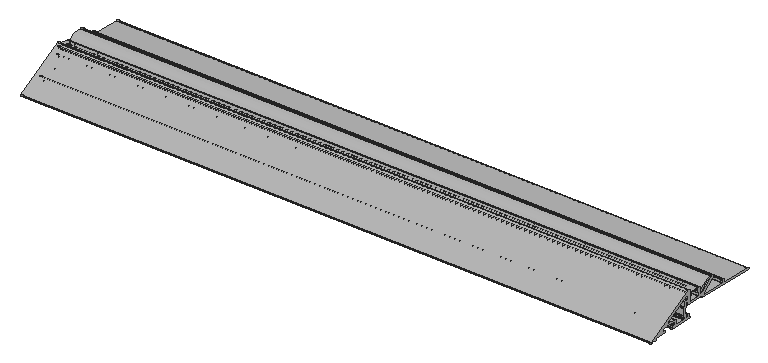
Revit family "Transition strip", category Generic Models, Revit 2017
Family settings
  Can host rebar = No
  Round Connector Dimension = Use Diameter
  Part Type = Normal
  Work Plane-Based = No
  Always vertical = Yes
  Cut with Voids When Loaded = No
  Shared = No
  Room Calculation Point = No
Parameters
  Material Strip = PVC Plastic
  Material = PVC Plastic
  Length [instance] = 2.856358 ft
Reference planes (ft)
  plane 1 "Center (Front/Back)": y = 0
  plane 2: z = 0
  plane 3 "Center (Left/Right)": x = 0
  plane 4: x = 2.856358
Forms (ft)
  Sweep 1, solid, material "PVC Plastic" <- "Material"
    path origin (0, 0, 0) x (1, 0, 0) y (0, 1, 0)
      loop
        line (0, 0) -> (2.856358, 0)
    profile "Family2 : Family2" origin (1.428179, 0, 0) x (0, 1, 0) y (0, 0, 1)
      loop
        line (0.111003, 0.04019) -> (0.11418, 0.03773) -> (0.135505, 0.03773)
        arc (0.135505, 0.03773) -> (0.136665, 0.037249) -> (0.137146, 0.036089) r 0.00164
        line (0.137146, 0.036089) -> (0.137146, 0.016404)
        arc (0.137146, 0.016404) -> (0.137626, 0.015244) -> (0.138786, 0.014764) r 0.00164
        line (0.138786, 0.014764) -> (0.184718, 0.014764)
        arc (0.184718, 0.014764) -> (0.185878, 0.015244) -> (0.186358, 0.016404) r 0.00164
        line (0.186358, 0.016404) -> (0.186358, 0.029035) -> (0.183077, 0.029035)
        arc (0.183077, 0.029035) -> (0.181918, 0.029516) -> (0.181437, 0.030676) r 0.00164
        line (0.181437, 0.030676) -> (0.181437, 0.064469)
        arc (0.181437, 0.064469) -> (0.181918, 0.065628) -> (0.183077, 0.066109) r 0.00164
        line (0.183077, 0.066109) -> (0.186358, 0.066109) -> (0.186358, 0.085305)
        arc (0.186358, 0.085305) -> (0.186839, 0.086462) -> (0.187997, 0.086942) r 0.00164
        line (0.187997, 0.086942) -> (0.205728, 0.086942)
        arc (0.205728, 0.086942) -> (0.206888, 0.087423) -> (0.207369, 0.088583) r 0.00164
        line (0.207369, 0.088583) -> (0.207369, 0.111926)
        arc (0.207369, 0.111926) -> (0.206549, 0.113347) -> (0.204908, 0.113347) r 0.00164
        line (0.204908, 0.113347) -> (0.083499, 0.043251)
        arc (0.083499, 0.043251) -> (0.082735, 0.041406) -> (0.08432, 0.04019) r 0.00164
        line (0.08432, 0.04019) -> (0.111003, 0.04019)
      loop
        line (0.21147, 0.124712) -> (0.000764, 0.003061)
        arc (0.000764, 0.003061) -> (0, 0.001216) -> (0.001585, 0) r 0.00164
        line (0.001585, 0) -> (0.020941, 0)
        arc (0.020941, 0) -> (0.022101, 0.00048) -> (0.022582, 0.00164) r 0.00164
        line (0.022582, 0.00164) -> (0.022582, 0.008202) -> (0.075466, 0.008202)
        arc (0.075466, 0.008202) -> (0.076626, 0.008683) -> (0.077106, 0.009843) r 0.00164
        line (0.077106, 0.009843) -> (0.077106, 0.018045)
        arc (0.077106, 0.018045) -> (0.076626, 0.019205) -> (0.075466, 0.019685) r 0.00164
        line (0.075466, 0.019685) -> (0.066608, 0.019685)
        arc (0.066608, 0.019685) -> (0.065448, 0.020166) -> (0.064967, 0.021325) r 0.00164
        line (0.064967, 0.021325) -> (0.064967, 0.029528)
        arc (0.064967, 0.029528) -> (0.065448, 0.030688) -> (0.066608, 0.031168) r 0.00164
        line (0.066608, 0.031168) -> (0.084428, 0.031168) -> (0.087605, 0.033629) -> (0.107946, 0.033629) -> (0.111123, 0.031168) -> (0.128944, 0.031168)
        arc (0.128944, 0.031168) -> (0.130104, 0.030688) -> (0.130584, 0.029528) r 0.00164
        line (0.130584, 0.029528) -> (0.130584, 0.021325)
        arc (0.130584, 0.021325) -> (0.130104, 0.020166) -> (0.128944, 0.019685) r 0.00164
        line (0.128944, 0.019685) -> (0.120085, 0.019685)
        arc (0.120085, 0.019685) -> (0.118925, 0.019205) -> (0.118445, 0.018045) r 0.00164
        line (0.118445, 0.018045) -> (0.118445, 0.009847)
        arc (0.118445, 0.009847) -> (0.118927, 0.008684) -> (0.12009, 0.008202) r 0.001645
        line (0.12009, 0.008202) -> (0.214245, 0.008202)
        arc (0.214245, 0.008202) -> (0.215404, 0.008681) -> (0.215886, 0.009838) r 0.00164
        line (0.215886, 0.009838) -> (0.215886, 0.013119)
        arc (0.215886, 0.013119) -> (0.215404, 0.014285) -> (0.214245, 0.014764) r 0.00164
        line (0.214245, 0.014764) -> (0.210144, 0.014764) -> (0.210144, 0.025262)
        arc (0.210144, 0.025262) -> (0.209664, 0.026422) -> (0.208504, 0.026903) r 0.00164
        line (0.208504, 0.026903) -> (0.203583, 0.026903) -> (0.203583, 0.016404)
        arc (0.203583, 0.016404) -> (0.203102, 0.015244) -> (0.201942, 0.014764) r 0.00164
        line (0.201942, 0.014764) -> (0.19374, 0.014764)
        arc (0.19374, 0.014764) -> (0.19258, 0.015244) -> (0.1921, 0.016404) r 0.00164
        line (0.1921, 0.016404) -> (0.1921, 0.035761) -> (0.187999, 0.035761) -> (0.187999, 0.059383) -> (0.1921, 0.059383) -> (0.1921, 0.078738)
        arc (0.1921, 0.078738) -> (0.19258, 0.0799) -> (0.193743, 0.080381) r 0.00164
        line (0.193743, 0.080381) -> (0.201942, 0.080381)
        arc (0.201942, 0.080381) -> (0.203102, 0.0799) -> (0.203583, 0.07874) r 0.00164
        line (0.203583, 0.07874) -> (0.203583, 0.070301)
        arc (0.203583, 0.070301) -> (0.204063, 0.069141) -> (0.205223, 0.06866) r 0.00164
        line (0.205223, 0.06866) -> (0.285338, 0.06866)
        arc (0.285338, 0.06866) -> (0.287266, 0.067862) -> (0.288064, 0.065934) r 0.002726
        line (0.288064, 0.065934) -> (0.288064, 0.063312)
        arc (0.288064, 0.063312) -> (0.288833, 0.061457) -> (0.290689, 0.060688) r 0.002625
        line (0.290689, 0.060688) -> (0.54561, 0.060688)
        arc (0.54561, 0.060688) -> (0.546773, 0.061171) -> (0.547251, 0.062336) r 0.00164
        line (0.547251, 0.062336) -> (0.547251, 0.065617)
        arc (0.547251, 0.065617) -> (0.546768, 0.066772) -> (0.54561, 0.067249) r 0.00164
        line (0.54561, 0.067249) -> (0.412736, 0.067249)
        arc (0.412736, 0.067249) -> (0.411576, 0.06773) -> (0.411096, 0.06889) r 0.00164
        line (0.411096, 0.06889) -> (0.411096, 0.082013)
        arc (0.411096, 0.082013) -> (0.410615, 0.083173) -> (0.409455, 0.083654) r 0.00164
        line (0.409455, 0.083654) -> (0.406175, 0.083654)
        arc (0.406175, 0.083654) -> (0.405013, 0.083171) -> (0.404534, 0.082007) r 0.00164
        line (0.404534, 0.082007) -> (0.404534, 0.06889)
        arc (0.404534, 0.06889) -> (0.404054, 0.06773) -> (0.402894, 0.067249) r 0.00164
        line (0.402894, 0.067249) -> (0.294626, 0.067249) -> (0.294626, 0.074129) -> (0.341061, 0.113093) -> (0.345475, 0.113093)
        arc (0.345475, 0.113093) -> (0.347799, 0.114054) -> (0.34876, 0.116379) r 0.003281
        line (0.34876, 0.116379) -> (0.34876, 0.122152)
        arc (0.34876, 0.122152) -> (0.347941, 0.12412) -> (0.345971, 0.124932) r 0.002785
        line (0.345971, 0.124932) -> (0.342049, 0.124932)
        arc (0.342049, 0.124932) -> (0.340813, 0.123612) -> (0.341641, 0.122005) r 0.001569
        line (0.341641, 0.122005) -> (0.345215, 0.121335) -> (0.344184, 0.117965) -> (0.337778, 0.118903) -> (0.286065, 0.075511)
        arc (0.286065, 0.075511) -> (0.284238, 0.075248) -> (0.283291, 0.076734) r 0.00164
        line (0.283291, 0.076734) -> (0.283291, 0.079323) -> (0.279258, 0.079323) -> (0.278498, 0.075748)
        arc (0.278498, 0.075748) -> (0.277258, 0.074771) -> (0.276071, 0.075812) r 0.001235
        line (0.276071, 0.075812) -> (0.275634, 0.07857) -> (0.272795, 0.079174) -> (0.272795, 0.10803)
        arc (0.272795, 0.10803) -> (0.269925, 0.110901) -> (0.267054, 0.10803) r 0.002871
        line (0.267054, 0.10803) -> (0.264009, 0.106272) -> (0.264009, 0.102699) -> (0.265953, 0.100755) -> (0.265953, 0.098188) -> (0.262133, 0.098188)
        arc (0.262133, 0.098188) -> (0.260492, 0.096548) -> (0.262133, 0.094907) r 0.00164
        line (0.262133, 0.094907) -> (0.265416, 0.094907)
        arc (0.265416, 0.094907) -> (0.266573, 0.094427) -> (0.267054, 0.093269) r 0.00164
        line (0.267054, 0.093269) -> (0.267054, 0.076863)
        arc (0.267054, 0.076863) -> (0.266573, 0.075703) -> (0.265413, 0.075222) r 0.00164
        line (0.265413, 0.075222) -> (0.215571, 0.075222)
        arc (0.215571, 0.075222) -> (0.214411, 0.075703) -> (0.21393, 0.076863) r 0.00164
        line (0.21393, 0.076863) -> (0.21393, 0.093269)
        arc (0.21393, 0.093269) -> (0.214411, 0.094427) -> (0.215569, 0.094907) r 0.00164
        line (0.215569, 0.094907) -> (0.218852, 0.094907)
        arc (0.218852, 0.094907) -> (0.220492, 0.096548) -> (0.218852, 0.098188) r 0.00164
        line (0.218852, 0.098188) -> (0.215031, 0.098188) -> (0.215031, 0.100755) -> (0.216976, 0.102699) -> (0.216976, 0.106272) -> (0.21393, 0.10803) -> (0.21393, 0.123291)
        arc (0.21393, 0.123291) -> (0.21311, 0.124712) -> (0.21147, 0.124712) r 0.00164
  Sweep 2, solid, material "PVC Plastic" <- "Material Strip"
    path origin (0, 0, 0) x (1, 0, 0) y (0, 1, 0)
      loop
        line (0, 0) -> (2.856358, 0)
    profile "Family3 : Family3" origin (1.428179, 0, 0) x (0, 1, 0) y (0, 0, 1)
      loop
        arc (0.341048, 0.124477) -> (0.29882, 0.114146) -> (0.2731, 0.079096) r 0.063584
        line (0.2731, 0.079096) -> (0.276, 0.078585) -> (0.276148, 0.075763)
        arc (0.276148, 0.075763) -> (0.277194, 0.074689) -> (0.278395, 0.075587) r 0.001137
        line (0.278395, 0.075587) -> (0.28004, 0.083326)
        arc (0.28004, 0.083326) -> (0.302521, 0.110394) -> (0.336471, 0.11964) r 0.058417
        line (0.336471, 0.11964) -> (0.339528, 0.118647) -> (0.342887, 0.118155)
        arc (0.342887, 0.118155) -> (0.34439, 0.119179) -> (0.343497, 0.120763) r 0.001344
        line (0.343497, 0.120763) -> (0.340468, 0.121747) -> (0.341048, 0.124477)
      loop
        line (0.21736, 0.106806) -> (0.21736, 0.102891) -> (0.215523, 0.101054)
        arc (0.215523, 0.101054) -> (0.215159, 0.099224) -> (0.21671, 0.098188) r 0.001679
        line (0.21671, 0.098188) -> (0.220328, 0.098188) -> (0.220328, 0.107892)
        arc (0.220328, 0.107892) -> (0.242077, 0.109671) -> (0.263828, 0.10791) r 0.134514
        line (0.263828, 0.10791) -> (0.263828, 0.098188) -> (0.267446, 0.098188)
        arc (0.267446, 0.098188) -> (0.268997, 0.099224) -> (0.268633, 0.101054) r 0.001679
        line (0.268633, 0.101054) -> (0.266668, 0.103125) -> (0.266668, 0.106757) -> (0.269537, 0.107859)
        arc (0.269537, 0.107859) -> (0.270331, 0.109124) -> (0.269337, 0.11024) r 0.001244
        arc (0.269337, 0.11024) -> (0.242175, 0.112952) -> (0.215011, 0.110256) r 0.137795
        arc (0.215011, 0.110256) -> (0.213979, 0.1091) -> (0.214802, 0.107788) r 0.00129
        line (0.214802, 0.107788) -> (0.21736, 0.106806)
Dimensions and locks (ft)
  "Length": plane 3 "Center (Left/Right)" to plane 4
  aligned and locked: level to plane 2
  aligned and locked: plane 4 to Sweep 1 sketch curve
  aligned and locked: plane 3 "Center (Left/Right)" to Sweep 1 sketch curve
  aligned and locked: plane 4 to Sweep 2 sketch curve
  aligned and locked: plane 3 "Center (Left/Right)" to Sweep 2 sketch curve
Automatic sketch dimensions
  plane 1 "Center (Front/Back)" to Sweep 1 sketch curve = 0 ft
  plane 1 "Center (Front/Back)" to Sweep 2 sketch curve = 0 ft
Nested families (ft)
  nested 1: "Cross Section Fine" at (0, 0, 0) x (0, 1, 0) z (1, 0, 0), type "Family4", detail levels medium+fine
Definition of nested family "Cross Section Fine"
  Reference planes (ft)
    plane 1 "Center (Front/Back)": y = 0
    plane 2: z = 0
    plane 3 "Center (Left/Right)": x = 0
